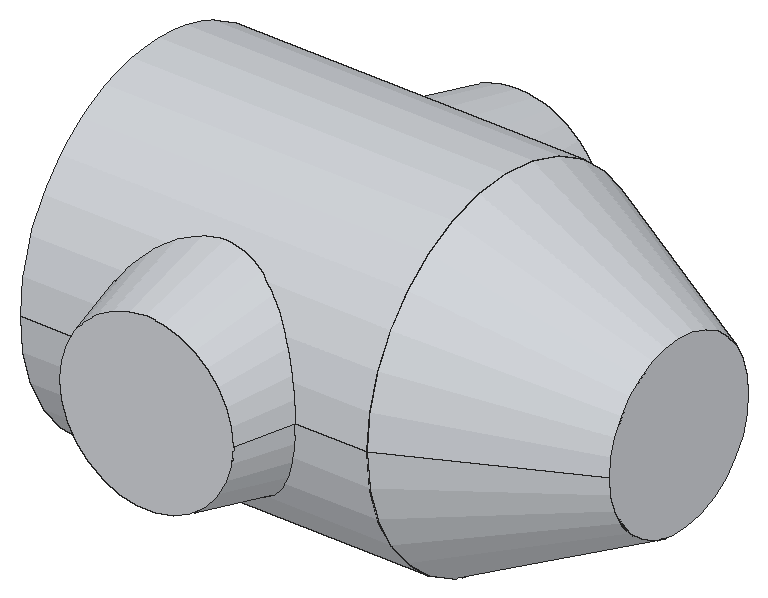
Revit family "M_Cruzamento redondo com transição - Cônico", category Conexões de duto, Revit 2019
Family settings
  Cota do conector redondo = Usar raio
  Tipo de parte = Cruzeta
  Número OmniClass = 23.75.70.14
  Título OmniClass = Air Ductwork
  ID de item do Seek = Round Cross with Transition - Conical-0000-CAN-ENU
  Com base no plano de trabalho = Não
  Sempre na vertical = Sim
  Corte com vazios quando carregada = Não
  Compartilhado = Não
Parameters (values of type "Padrão")
  Raio do duto 4 [instance] = 150 mm
  Raio do duto 3 [instance] = 150 mm
  Raio do duto 2 [instance] = 150 mm
  Raio do duto 1 [instance] = 300 mm
  Comprimento do duto 1 [instance] = Raio base do cone * 2 + 100 mm  # 600 mm
  Diâmetro do duto 4 [instance] = Raio do duto 4 * 2  # 300 mm
  Diâmetro do duto 3 [instance] = Raio do duto 3 * 2  # 300 mm
  Diâmetro do duto 2 [instance] = Raio do duto 2 * 2  # 300 mm
  Diâmetro do duto 1 [instance] = Raio do duto 1 * 2  # 600 mm
  Comprimento 1 [instance] = Raio do duto 1 + Comprimento do duto 2  # 600 mm
  Raio base do cone [instance] = if(Raio do duto 4 > Raio do duto 3, Raio do duto 4 + Comprimento 2 * 2, Raio do duto 3 + Comprimento 2 * 2)  # 250 mm
  Comprimento 3 [instance] = Comprimento 1 * (-1)  # -600 mm
  Comprimento do duto 2 [instance] = if(2 * abs(Raio do duto 1 - Raio do duto 2) > 300 mm, 300 mm, if(2 * abs(Raio do duto 1 - Raio do duto 2) < 25 mm, 25 mm, if(2 * abs(Raio do duto 1 - Raio do duto 2) < 25 mm, 25 mm, 2 * abs(Raio do duto 1 - Raio do duto 2))))  # 300 mm
  Comprimento 2 [instance] = 50 mm
Reference planes
  plane 1 "Centro (Frente/Trás)": y = 0
  plane 2: z = 0
  plane 3 "Centro (Esquerda/Direita)": x = 0
  plane 4: x = -300
  plane 5: x = 300
  plane 6: y = 300
  plane 7: y = -300
  plane 8: x = 600
  plane 9: y = 401.6
  plane 10: y = -401.6
Forms (mm)
  Sweep 1, solid, detail levels medium+fine
    path in 3D
      loop
        line (-300, 0, 0) -> (300, 0, 0)
    profile origin (0, 0, 0) x (0, 1, 0) y (0, 0, 1)
      loop
        circle (0, 0) r 300
  Blend 2, solid, detail levels medium+fine
    base sketch origin (0, 0, 0) x (1, 0, 0) y (0, 0, 1)
      loop
        circle (0, 0) r 250
    top sketch origin (0, 0, 0) x (1, 0, 0) y (0, 0, 1)
      loop
        circle (0, 0) r 150
    from 0 to -401.6
  Blend 3, solid, detail levels medium+fine
    base sketch origin (0, 0, 0) x (1, 0, 0) y (0, 0, 1)
      loop
        circle (0, 0) r 250
    top sketch origin (0, 0, 0) x (1, 0, 0) y (0, 0, 1)
      loop
        circle (0, 0) r 150
    from 0 to 401.6
  Blend 4, solid, detail levels medium+fine
    base sketch origin (300, 1524, 1219.2) x (0, 1, 0) y (0, 0, 1)
      loop
        circle (-1524, -1219.2) r 300
    top sketch origin (300, 1524, 1219.2) x (0, 1, 0) y (0, 0, 1)
      loop
        circle (-1524, -1219.2) r 150
    from 0 to 300
  Extrusion 5, solid, detail levels medium+fine
    sketch origin (-2224.791, 401.6, 1219.2) x (-1, 0, 0) y (0, 0, 1)
      loop
        circle (-2224.791, -1219.2) r 6.35
    from 0 to -803.2
  Extrusion 6, solid, detail levels medium+fine
    sketch origin (-300, 1423.903, 1219.2) x (0, 1, 0) y (0, 0, 1)
      loop
        circle (-1423.903, -1219.2) r 6.35
    from 600 to 900
Cuts and joins
  joined: Sweep 1, Blend 2, Blend 3, Extrusion 5
  joined: Blend 4, Extrusion 6
Lines and regions (mm)
  model lines, detail levels coarse
    curve 1: line (-300, 0, 0) -> (300, 0, 0)
    curve 3: line (300, 0, 0) -> (600, 0, 0)
    curve 4: line (0, 401.6, 0) -> (0, -401.6, 0)
  sketch lines
    curve 2: line (-300, 0, 0) -> (300, 0, 0)
Dimensions and locks
  "Raio do duto 1": plane 1 "Centro (Frente/Trás)" to plane 6
  "Raio do duto 1": plane 7 to plane 1 "Centro (Frente/Trás)"
  equal spacing: plane 4, plane 3 "Centro (Esquerda/Direita)", plane 5
  "Comprimento do duto 1": plane 4 to plane 5
  "Comprimento do duto 2": plane 5 to plane 8
  plane 9 to plane 6 = 101.6 mm
  plane 7 to plane 10 = 101.6 mm
  "Raio do duto 1": radius of Sweep 1 sketch curve
  "Raio base do cone": radius of Blend 2 sketch curve
  "Raio do duto 4": radius of Blend 2 sketch curve
  "Raio base do cone": radius of Blend 3 sketch curve
  "Raio do duto 3": radius of Blend 3 sketch curve
  "Raio do duto 1": radius of Blend 4 sketch curve
  "Raio do duto 2": radius of Blend 4 sketch curve
  aligned and locked: plane 9 to Blend 2
  aligned and locked: plane 1 "Centro (Frente/Trás)" to Blend 2
  aligned and locked: Blend 2 to plane 9
  aligned and locked: Blend 3 to plane 10
  aligned and locked: Blend 3 to plane 1 "Centro (Frente/Trás)"
  aligned and locked: Blend 4 to plane 8
  aligned and locked: Blend 4 to plane 5
  aligned and locked: curve 4 to plane 3 "Centro (Esquerda/Direita)"
  aligned and locked: plane 9 to curve 4
  aligned and locked: plane 1 "Centro (Frente/Trás)" to curve 3
  aligned and locked: plane 8 to curve 3
  aligned and locked: plane 5 to curve 3
  aligned and locked: Extrusion 5 to plane 10
  aligned and locked: plane 9 to Extrusion 5
  aligned and locked: Extrusion 5 to curve 4
  aligned and locked: Extrusion 6 to plane 8
  aligned and locked: Extrusion 6 to plane 5
Automatic sketch dimensions
  Sweep 1 sketch curve to profile plane = 0 mm  (x2)
  Blend 2 sketch curve to level = 0 mm  (x2)
  Blend 2 sketch curve to plane 3 "Centro (Esquerda/Direita)" = 0 mm  (x2)
  Blend 3 sketch curve to level = 0 mm  (x2)
  Blend 3 sketch curve to plane 3 "Centro (Esquerda/Direita)" = 0 mm  (x2)
  Blend 4 sketch curve to level = 0 mm  (x2)
  Blend 4 sketch curve to plane 1 "Centro (Frente/Trás)" = 0 mm  (x2)
  curve 1 to plane 4 = 0 mm
  Extrusion 6 sketch curve to level = 0 mm
  Extrusion 6 sketch curve to plane 1 "Centro (Frente/Trás)" = 0 mm
  Extrusion 5 sketch curve to level = 0 mm
  Extrusion 5 sketch curve to plane 3 "Centro (Esquerda/Direita)" = 0 mm
  radius of Extrusion 6 sketch curve = 6.35 mm
  radius of Extrusion 5 sketch curve = 6.35 mm
Connectors
  hvac at (-300, 0, 0), driven by "Raio do duto 1"
    settings: on cut or joined group of Sweep 1, Blend 2, Blend 3, Extrusion 5, index 1, duct flow 0.0 L/s, flow factor 0, pres drop 0.0 Pa, loss coef 0, conn angle 0.00°, conn width 304.8 mm, conn height 304.8 mm, conn diameter 600 mm, duct sys type 28, conn prof type 0, flow config 0, flow direction 0, loss method 0, conn ref index 2, conn util no, is conn primary yes, conn desc ""
  hvac at (600, 0, 0), driven by "Raio do duto 2"
    settings: on cut or joined group of Blend 4, Extrusion 6, index 2, duct flow 0.0 L/s, flow factor 0, pres drop 0.0 Pa, loss coef 0, conn angle 0.00°, conn width 304.8 mm, conn height 304.8 mm, conn diameter 300 mm, duct sys type 28, conn prof type 0, flow config 0, flow direction 0, loss method 0, conn ref index 1, conn util no, is conn primary no, conn desc ""
  hvac at (0, -401.6, 0), driven by "Raio do duto 3"
    settings: on cut or joined group of Sweep 1, Blend 2, Blend 3, Extrusion 5, index 3, duct flow 0.0 L/s, flow factor 0, pres drop 0.0 Pa, loss coef 0, conn angle 0.00°, conn width 304.8 mm, conn height 304.8 mm, conn diameter 300 mm, duct sys type 28, conn prof type 0, flow config 0, flow direction 0, loss method 0, conn ref index 4, conn util no, is conn primary no, conn desc ""
  hvac at (0, 401.6, 0), driven by "Raio do duto 4"
    settings: on cut or joined group of Sweep 1, Blend 2, Blend 3, Extrusion 5, index 4, duct flow 0.0 L/s, flow factor 0, pres drop 0.0 Pa, loss coef 0, conn angle 0.00°, conn width 304.8 mm, conn height 304.8 mm, conn diameter 300 mm, duct sys type 28, conn prof type 0, flow config 0, flow direction 0, loss method 0, conn ref index 3, conn util no, is conn primary no, conn desc ""
